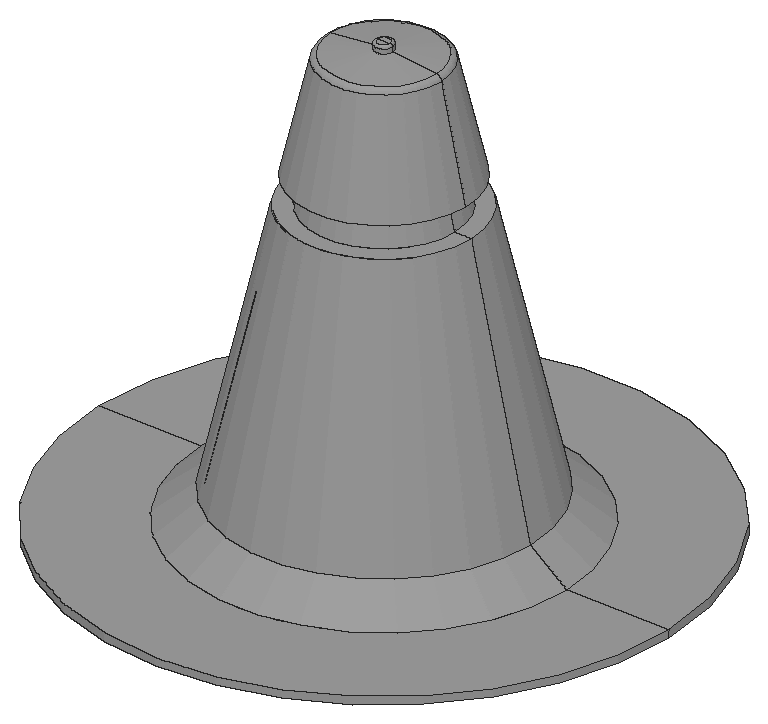
Revit family "Roofing-Aquaknight-Vapour_Vent-Grey", category Plumbing Fixtures, Revit 2016
Family settings
  Part Type = Normal
  Round Connector Dimension = Use Diameter
  OmniClass Number = 23.60.30.11
  OmniClass Title = Pipework Products for General Use
  Work Plane-Based = No
  Always vertical = Yes
  Cut with Voids When Loaded = No
  Shared = No
  Room Calculation Point = No
Parameters (values of type "Grey")
  Waste Connection = no
  Vent Connection = no
  URL = "www.aquaknight.co.nz"
  Phone = "+6498322214"  # constant formula
  Model = "2100.106"
  Material = Aquanight-Grey
  Manufacturer = "Aquanight Industries Ltd"  # constant formula
  HW Connection = no
  Email = "info@aquaknight.co.nz"  # constant formula
  Description = "Membrane Vapour Vent Grey"
  CW Connection = no
Reference planes
  plane 1 "Center (Front/Back)": y = 0
  plane 2: z = 0
  plane 3 "Center (Left/Right)": x = 0
Forms (mm)
  Revolve 1, solid, material "Aquanight-Grey" <- "Material"
    sketch origin (0, 0, 0) x (1, 0, 0) y (0, 0, 1)
      loop
        arc (-34.256, 130.756) -> (-37.364, 129.673) -> (-39.125, 126.893) r 5
        line (-39.125, 126.893) -> (-64.971, 16.219)
        arc (-64.971, 16.219) -> (-65.622, 14.669) -> (-66.75, 13.423) r 5
        line (-66.75, 13.423) -> (-82.427, 1.071)
        arc (-82.427, 1.071) -> (-83.883, 0.275) -> (-85.52, 0) r 5
        line (-85.52, 0) -> (-132.5, 0) -> (-132.5, 3.5) -> (-85, 3.5) -> (-68.5, 16.5) -> (-41, 134.256) -> (-33, 134.256) -> (-30.303, 145.804) -> (-34.709, 145.804) -> (-38.117, 146.6) -> (-26.888, 194.686)
        arc (-26.888, 194.686) -> (-26.028, 196.183) -> (-24.487, 196.959) r 3
        arc (-24.487, 196.959) -> (-14.282, 198.375) -> (-4, 199.043) r 141.072
        line (-4, 199.043) -> (-4, 201.086)
        arc (-4, 201.086) -> (-3.707, 201.793) -> (-3, 202.086) r 1
        line (-3, 202.086) -> (0, 202.086) -> (0, 183.5) -> (-6.5, 183.5) -> (-6.5, 171.5) -> (-15, 171.5) -> (-15, 172.5) -> (-16.508, 172.5)
        arc (-16.508, 172.5) -> (-19.615, 171.417) -> (-21.377, 168.637) r 5
        line (-21.377, 168.637) -> (-29.322, 134.617)
        arc (-29.322, 134.617) -> (-31.084, 131.839) -> (-34.19, 130.756) r 5
      axis (0, 202.086) -> (0, 0)
    angle from 0 to 360
Dimensions and locks
  aligned and locked: level to plane 2
  aligned and locked: Revolve 1 sketch curve to plane 3 "Center (Left/Right)"  (x2)
